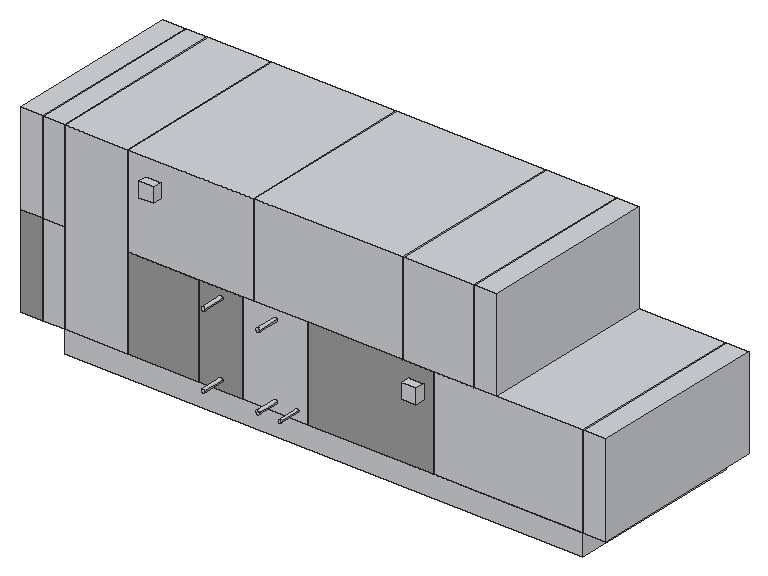
Revit family "Приточно-вытяжная система с рециркуляцией с водяным нагервом, водяным охлаждением", category Оборудование, Revit 2021
Family settings
  Размер круглого соединителя = Использовать диаметр
  Классификация = Нет
  Тип детали = Нормальный
  На основе рабочей плоскости = Нет
  Всегда вертикально = Да
  При загрузке вырезать с полостями = Нет
  Общий = Нет
  Точка принадлежности помещению = Нет
Parameters (values of type "1А")
  Ширина ГВ = ADSK_Размер_Ширина  # 980 mm
  Сторона обслуживания [instance] = "Справа"
  Слив конденсата [instance] = 15 mm
  Подключение нагревателя G [instance] = 20 mm
  Подключение охладителя [instance] = 20 mm
  Подключение испарителя E [instance] = 0 mm
  Отметка по умолчанию = 0 mm
  Мощность двигателя приточка [instance] = 0.55 kW
  Мощность двигателя вытяжка [instance] = 0.55 kW
  Длина секции охладителя CW [instance] = 361 mm
  Длина секции смешения RR [instance] = 349 mm
  Длина секции испарителя CF [instance] = 0 mm
  Длина секции вентилятора FA (вытяжка) [instance] = 690 mm
  Длина рамы = ADSK_Размер_Длина - 120 mm - 250 mm  # 2855 mm
  Длина гибкой встаки = 125 mm
  Длина секции шумоглушения SL [instance] = 825 mm
  Длина секции нагревателя HW [instance] = 240 mm
  Длина клапана FC = 120 mm
  Длина секции вентилятора FA (приток) [instance] = 690 mm
  Длина секции фильтра F [instance] = 390 mm
  Высота рамы = 120 mm
  Высота ГВ = ADSK_Размер_Высота  # 505 mm
  ADSK_Частота вращения двигателя (приток) = 2835
  ADSK_Частота вращения двигателя (вытяжка) [instance] = 2835
  ADSK_Тип воздушного фильтра [instance] = "G3"
  ADSK_Свободный напор воздуха = 400.0 Pa
  ADSK_Расход холодоносителя [instance] = 0.7 m³/h
  ADSK_Расход теплоносителя [instance] = 0.57 m³/h
  ADSK_Расход воздуха приточный [instance] = 1200.0 m³/h
  ADSK_Расход воздуха вытяжной [instance] = 1200.0 m³/h
  ADSK_Размер_Ширина = 980 mm
  ADSK_Размер_Длина = 3225 mm
  ADSK_Размер_Высота = 505 mm
  ADSK_Обозначение [instance] = "ПВ3.1"
  ADSK_Напряжение = 380 V
  ADSK_Наименование краткое [instance] = "2A"
  ADSK_Масса [instance] = 424
Types (16, lengths in mm): name | Ширина ГВ | Слив конденсата | Подключение нагревателя G | Подключение охладителя | Мощность двигателя приточка | Мощность двигателя вытяжка | Длина секции охладителя CW | Длина секции смешения RR | Длина секции вентилятора FA (вытяжка) | Длина рамы | Длина секции шумоглушения SL | Длина секции нагревателя HW | Длина секции вентилятора FA (приток) | Высота ГВ | ADSK_Частота вращения двигателя (приток) | ADSK_Частота вращения двигателя (вытяжка) | ADSK_Расход холодоносителя | ADSK_Расход теплоносителя | ADSK_Расход воздуха приточный | ADSK_Расход воздуха вытяжной | ADSK_Размер_Ширина | ADSK_Размер_Длина | ADSK_Размер_Высота | ADSK_Обозначение | ADSK_Наименование краткое | ADSK_Масса
  1А | 980 | 15 | 20 | 20 | 0.55 kW | 0.55 kW | 361 | 349 | 690 | 2855 | 825 | 240 | 690 | 505 | 2835 | 2835 | 0.7 m³/h | 0.57 m³/h | 1200.0 m³/h | 1200.0 m³/h | 980 | 3225 | 505 | "ПВ3.1" | "2A" | 424
  2А | 980 | 15 | 20 | 20 | 1.1 kW | 0.75 kW | 361 | 349 | 690 | 2855 | 825 | 240 | 690 | 505 | 2830 | 2805 | 1.41 m³/h | 1.18 m³/h | 2500.0 m³/h | 2500.0 m³/h | 980 | 3225 | 505 | "ПВ3.2" | "2A" | 496
  16B | 2580 | 25 | 65 | 65 | 18.5 kW | 15.0 kW | 457 | 1346 | 1990 | 5511 | 862 | 336 | 2120 | 2580 | 1465 | 1460 | 19.15 m³/h | 15.55 m³/h | 33000.0 m³/h | 33000.0 m³/h | 2580 | 5881 | 2580 | "ПВ3.16" | "16B" | 3205
  3A | 1080 | 15 | 20 | 20 | 1.5 kW | 1.1 kW | 361 | 383 | 740 | 3019 | 825 | 240 | 820 | 695 | 2880 | 2830 | 1.98 m³/h | 1.65 m³/h | 3500.0 m³/h | 3500.0 m³/h | 1080 | 3389 | 695 | "ПВ3.3" | "3А" | 604
  4A | 1360 | 15 | 20 | 25 | 2.2 kW | 1.5 kW | 361 | 383 | 820 | 3019 | 825 | 240 | 820 | 695 | 2880 | 2880 | 2.53 m³/h | 2.12 m³/h | 4500.0 m³/h | 4500.0 m³/h | 1360 | 3389 | 695 | "ПВ3.4" | "4A" | 703
  5A | 1360 | 15 | 25 | 25 | 3.0 kW | 2.2 kW | 361 | 437 | 820 | 3103 | 825 | 240 | 850 | 803 | 2905 | 2880 | 3.09 m³/h | 2.59 m³/h | 5500.0 m³/h | 5500.0 m³/h | 1360 | 3473 | 803 | "ПВ3.5" | "5A" | 764
  6A | 1580 | 15 | 32 | 32 | 2.2 kW | 3.0 kW | 361 | 437 | 850 | 3603 | 825 | 240 | 1350 | 803 | 1455 | 2905 | 3.63 m³/h | 3.06 m³/h | 6500.0 m³/h | 6500.0 m³/h | 1580 | 3973 | 803 | "ПВ3.6" | "6A" | 895
  7A | 1580 | 15 | 25 | 25 | 4.0 kW | 1.5 kW | 361 | 531 | 1350 | 3597 | 825 | 240 | 1250 | 990 | 2945 | 1435 | 0.0 m³/h | 0.0 m³/h | 7500.0 m³/h | 7500.0 m³/h | 1580 | 3967 | 990 | "ПВ3.7" | "7A" | 1007
  8A | 1950 | 15 | 32 | 32 | 3.0 kW | 4.0 kW | 361 | 531 | 1250 | 3697 | 825 | 240 | 1350 | 990 | 1455 | 2945 | 4.93 m³/h | 4.01 m³/h | 8500.0 m³/h | 8500.0 m³/h | 1950 | 4067 | 990 | "ПВ3.8" | "8A" | 1151
  9A | 2160 | 15 | 32 | 32 | 3.0 kW | 3.0 kW | 361 | 583 | 1350 | 3779 | 825 | 240 | 1380 | 1095 | 1455 | 1455 | 5.83 m³/h | 4.71 m³/h | 10000.0 m³/h | 10000.0 m³/h | 2160 | 4149 | 1095 | "ПВ2.9" | "9A" | 1310
  10B | 2040 | 25 | 40 | 40 | 4.0 kW | 4.0 kW | 402 | 736 | 1460 | 4256 | 862 | 281 | 1585 | 1360 | 1460 | 1460 | 7.46 m³/h | 6.13 m³/h | 13000.0 m³/h | 13000.0 m³/h | 2040 | 4626 | 1360 | "ПВ3.10" | "10B" | 1625
  12B | 2040 | 25 | 50 | 40 | 7.5 kW | 5.5 kW | 402 | 896 | 1635 | 4490 | 862 | 305 | 1635 | 1680 | 1465 | 1465 | 9.89 m³/h | 8.01 m³/h | 17000.0 m³/h | 17000.0 m³/h | 2040 | 4860 | 1680 | "ПВ3.12" | "12B" | 1897
  11B | 2580 | 25 | 40 | 40 | 5.5 kW | 4.0 kW | 402 | 736 | 1585 | 4306 | 862 | 281 | 1635 | 1360 | 1465 | 1460 | 8.7 m³/h | 7.07 m³/h | 15000.0 m³/h | 15000.0 m³/h | 2580 | 4676 | 1360 | "ПВ3.11" | "11B" | 1913
  13B | 2040 | 25 | 50 | 50 | 7.5 kW | 7.5 kW | 426 | 1076 | 1635 | 4834 | 862 | 305 | 1775 | 2040 | 1465 | 1465 | 11.46 m³/h | 9.42 m³/h | 20000.0 m³/h | 20000.0 m³/h | 2040 | 5204 | 2040 | "ПВ3.13" | "13B" | 2181
  14B | 2580 | 25 | 50 | 50 | 11.0 kW | 7.5 kW | 426 | 896 | 1775 | 4824 | 862 | 305 | 1945 | 1680 | 1470 | 1465 | 12.79 m³/h | 10.37 m³/h | 22000.0 m³/h | 22000.0 m³/h | 2580 | 5194 | 1680 | "ПВ3.14" | "14B" | 2307
  15B | 2580 | 25 | 50 | 50 | 15.0 kW | 11.0 kW | 426 | 1076 | 1945 | 5004 | 862 | 305 | 1945 | 2040 | 1460 | 1470 | 14.51 m³/h | 11.78 m³/h | 25000.0 m³/h | 25000.0 m³/h | 2580 | 5374 | 2040 | "ПВ3.15" | "15B" | 2620
Reference planes
  plane 1 "По центру (Вперед/Назад)": y = 0
  plane 2: z = -120
  plane 3 "По центру (Влево/Вправо)": x = 0
  plane 4 "Ширина": y = -980
  plane 5: x = -1117
  plane 6 "Высота": z = 385
  plane 7: x = -877
  plane 8: x = -516
  plane 9: x = 174
  plane 10: x = -1976
  plane 11: x = -2101
  plane 12: x = 174
  plane 13: z = -120
  plane 14: z = -120
  plane 15: x = 999
  plane 16: x = -1976
  plane 17 "клапан": x = -1856
  plane 18 "Рама": z = -240
  plane 19: z = 890
  plane 20: x = -817
  plane 21: x = 8
  plane 22: x = 398
  plane 23: x = -1507
  plane 24: x = 523
  plane 25: y = -980
Forms (mm)
  Extrusion 1, solid, material "По умолчанию"
    sketch origin (0, 0, 0) x (1, 0, 0) y (0, 0, 1)
      loop
        line (-1507, -120) -> (-1117, -120) -> (-1117, 385) -> (-1507, 385) -> (-1507, -120)
    from 0 <- "Отметка по умолчанию" to 980 <- "ADSK_Размер_Ширина"
  Extrusion 2, solid, material "По умолчанию"
    sketch origin (790, 0, 0) x (1, 0, 0) y (0, 0, 1)
      loop
        line (-1907, -120) -> (-1667, -120) -> (-1667, 385) -> (-1907, 385) -> (-1907, -120)
    from 0 to 980 <- "ADSK_Размер_Ширина"
  Extrusion 3, solid
    sketch origin (1310, 0, 0) x (1, 0, 0) y (0, 0, 1)
      loop
        line (-2187, -120) -> (-1826, -120) -> (-1826, 385) -> (-2187, 385) -> (-2187, -120)
    from 0 to 980 <- "ADSK_Размер_Ширина"
  Extrusion 4, solid, material "По умолчанию"
    sketch origin (1970, 0, 0) x (1, 0, 0) y (0, 0, 1)
      loop
        line (-2486, -120) -> (-1796, -120) -> (-1796, 385) -> (-2486, 385) -> (-2486, -120)
    from 0 to 980 <- "ADSK_Размер_Ширина"
  Extrusion 5, solid, material "По умолчанию"
    sketch origin (-570, 0, 0) x (1, 0, 0) y (0, 0, 1)
      loop
        line (-1406, 385) -> (-1531, 385) -> (-1531, -120) -> (-1406, -120) -> (-1406, 385)
    from 0 to 980 <- "Ширина ГВ"
  Extrusion 6, solid
    sketch origin (1977.187, -850, 55) x (1, 0, 0) y (0, 0, 1)
      loop
        line (-1937.831, 250) -> (-1937.831, 170) -> (-1857.831, 170) -> (-1857.831, 250) -> (-1937.831, 250)
    from 130 to 180
  Extrusion 7, solid
    sketch origin (400, 0, 0) x (1, 0, 0) y (0, 0, 1)
      loop
        line (599, -120) -> (599, 385) -> (-226, 385) -> (-226, -120) -> (599, -120)
    from 0 to 980 <- "Ширина ГВ"
  Extrusion 8, solid
    sketch origin (0, -980, 0) x (-1, 0, 0) y (0, 0, 1)
      loop
        line (1976, -120) -> (1976, 385) -> (1856, 385) -> (1856, -120) -> (1976, -120)
    from 0 to 980 <- "ADSK_Размер_Ширина"
  Extrusion 9, solid
    sketch origin (0, 0, 0) x (1, 0, 0) y (0, 0, 1)
      loop
        line (-1856, -240) -> (999, -240) -> (999, -120) -> (-1856, -120) -> (-1856, -240)
    from 0 to 980 <- "ADSK_Размер_Ширина"
  Extrusion 10, solid
    sketch origin (0, 0, 0) x (1, 0, 0) y (0, 0, 1)
      loop
        line (-2101, 890) -> (-2101, 385) -> (-1976, 385) -> (-1976, 890) -> (-2101, 890)
    from 0 to 980 <- "ADSK_Размер_Ширина"
  Extrusion 11, solid
    sketch origin (0, 0, 0) x (1, 0, 0) y (0, 0, 1)
      loop
        line (-1976, 890) -> (-1976, 385) -> (-1856, 385) -> (-1856, 890) -> (-1976, 890)
    from 0 to 980 <- "ADSK_Размер_Ширина"
  Extrusion 12, solid
    sketch origin (400, 0, 0) x (1, 0, 0) y (0, 0, 1)
      loop
        line (-1907, 890) -> (-1907, 385) -> (-1217, 385) -> (-1217, 890) -> (-1907, 890)
    from 0 to 980 <- "ADSK_Размер_Ширина"
  Extrusion 13, solid
    sketch origin (0, 0, 0) x (1, 0, 0) y (0, 0, 1)
      loop
        line (-1856, -120) -> (-1507, -120) -> (-1507, 890) -> (-1856, 890) -> (-1856, -120)
    from 0 to 980 <- "ADSK_Размер_Ширина"
  Extrusion 14, solid
    sketch origin (0, 0, 0) x (1, 0, 0) y (0, 0, 1)
      loop
        line (-817, 890) -> (-817, 385) -> (8, 385) -> (8, 890) -> (-817, 890)
    from 0 to 980 <- "ADSK_Размер_Ширина"
  Extrusion 15, solid
    sketch origin (0, 0, 0) x (1, 0, 0) y (0, 0, 1)
      loop
        line (8, 890) -> (8, 385) -> (398, 385) -> (398, 890) -> (8, 890)
    from 0 to 980 <- "ADSK_Размер_Ширина"
  Extrusion 16, solid
    sketch origin (0, 0, 0) x (1, 0, 0) y (0, 0, 1)
      loop
        line (398, 890) -> (398, 385) -> (523, 385) -> (523, 890) -> (398, 890)
    from 0 to 980 <- "ADSK_Размер_Ширина"
  Extrusion 17, solid
    sketch origin (588.065, -850, 517.251) x (1, 0, 0) y (0, 0, 1)
      loop
        line (-1995.065, 272.749) -> (-1995.065, 192.749) -> (-1915.065, 192.749) -> (-1915.065, 272.749) -> (-1995.065, 272.749)
    from 130 to 180
  Extrusion 18, solid
    sketch origin (1358.125, 0, 0) x (1, 0, 0) y (0, 0, 1)
      loop
        line (-234.125, -120) -> (-234.125, 385) -> (-359.125, 385) -> (-359.125, -120) -> (-234.125, -120)
    from 0 to 980 <- "Ширина ГВ"
  Extrusion 19, solid
    sketch origin (683.974, -980, -517.895) x (1, 0, 0) y (0, 0, 1)
      loop
        circle (-1680.823, 852.951) r 10
      loop
        circle (-1680.884, 450.002) r 10
    from 0 to 120
  Extrusion 20, solid
    sketch origin (1340.778, -980, -507.223) x (1, 0, 0) y (0, 0, 1)
      loop
        circle (-2036.833, 842.663) r 10
      loop
        circle (-2036.55, 437.272) r 10
      loop
        circle (-1916.335, 434.999) r 7.5
    from 0 to 120
Dimensions and locks
  Extrusion 1 sketch curve to Extrusion 1 sketch curve = 505 mm
  "ADSK_Размер_Высота": level to plane 6 "Высота"
  "Длина секции нагревателя HW": plane 7 to plane 5
  "Длина секции охладителя CW": plane 8 to plane 7
  "Длина секции вентилятора FA (приток)": plane 9 to plane 8
  Extrusion 2 sketch curve to Extrusion 2 sketch curve = 505 mm
  Extrusion 3 sketch curve to Extrusion 3 sketch curve = 505 mm
  Extrusion 4 sketch curve to Extrusion 4 sketch curve = 505 mm
  "ADSK_Размер_Ширина": plane 1 "По центру (Вперед/Назад)" to plane 4 "Ширина"
  "Длина гибкой встаки": plane 10 to plane 11
  locked: Extrusion 6 sketch curve to Extrusion 6 sketch curve at 80  (x2)
  locked: plane 4 "Ширина" to Extrusion 6 at 50
  "Высота ГВ": Extrusion 5 sketch curve to Extrusion 5 sketch curve
  "Длина секции шумоглушения SL": plane 15 to plane 12
  "Высота ГВ": Extrusion 7 sketch curve to Extrusion 7 sketch curve
  Extrusion 7 sketch curve to level = 0 mm
  level to Extrusion 1 = 505 mm
  "Длина клапана FC": plane 17 "клапан" to plane 16
  "Длина секции фильтра F": plane 5 to plane 23
  Extrusion 5 to Extrusion 8 to Extrusion 8 to Extrusion 13 to Extrusion 2 to Extrusion 3 to Extrusion 4 to Extrusion 7 to Extrusion 7 = 125 mm, 120 mm, 349 mm, 390 mm, 240 mm, 361 mm, 690 mm, 825 mm
  "ADSK_Размер_Высота": plane 19 to plane 6 "Высота"
  "Длина секции смешения RR": plane 23 to plane 17 "клапан"
  "Длина секции вентилятора FA (вытяжка)": plane 20 to plane 23
  "Длина секции шумоглушения SL": plane 21 to plane 20
  "Длина секции фильтра F": plane 22 to plane 21
  "Длина гибкой встаки": plane 24 to plane 22
  Extrusion 10 to Extrusion 11 = 125 mm
  Extrusion 11 to Extrusion 13 = 120 mm
  Extrusion 13 to Extrusion 13 = 349 mm
  Extrusion 13 to Extrusion 14 = 690 mm
  Extrusion 14 to Extrusion 15 = 825 mm
  Extrusion 15 to Extrusion 16 = 390 mm
  Extrusion 16 to Extrusion 16 = 125 mm
  locked: Extrusion 17 sketch curve to Extrusion 17 sketch curve at 80  (x2)
  plane 19 to Extrusion 17 sketch curve = 100 mm
  Extrusion 17 sketch curve to plane 23 = 100 mm
  "Высота ГВ": Extrusion 18 sketch curve to Extrusion 18 sketch curve
  "Длина гибкой встаки": Extrusion 18 to Extrusion 18
  "Длина рамы": Extrusion 9 to Extrusion 9
  locked: Extrusion 4 to Extrusion 6 at 160
  locked: Extrusion 6 to Extrusion 7 at 134.643
  Extrusion 19 to Extrusion 3 = 109.849 mm
  Extrusion 12 to Extrusion 19 = 39.944 mm
  Extrusion 20 sketch curve to Extrusion 20 sketch curve = 120.236 mm
  locked: Extrusion 14 to Extrusion 20 sketch curve at 39.56
  Extrusion 20 to Extrusion 4 = 170.056 mm
  Extrusion 19 to Extrusion 9 = 42.108 mm
  locked: Extrusion 20 sketch curve to Extrusion 9 at 40.049
  locked: Extrusion 20 sketch curve to Extrusion 9 at 40.276
  "Подключение нагревателя G": diameter of Extrusion 19 sketch curve  (x2)
  "Подключение охладителя": diameter of Extrusion 20 sketch curve  (x2)
  "Слив конденсата": diameter of Extrusion 20 sketch curve
  aligned and locked: level to plane 2
  aligned and locked: plane 5 to Extrusion 1
  aligned and locked: plane 6 "Высота" to Extrusion 1
  aligned and locked: Extrusion 1 to level
  aligned and locked: Extrusion 1 to plane 4 "Ширина"
  aligned and locked: plane 7 to Extrusion 2
  aligned and locked: plane 8 to Extrusion 3
  aligned and locked: plane 9 to Extrusion 4
  aligned and locked: Extrusion 2 to Extrusion 1  (x2)
  aligned and locked: Extrusion 3 to plane 7
  aligned and locked: Extrusion 4 to plane 8
  aligned and locked: Extrusion 4 to Extrusion 1
  aligned and locked: Extrusion 3 to Extrusion 1
  aligned and locked: Extrusion 1 to Extrusion 2
  aligned and locked: Extrusion 1 to Extrusion 3
  aligned and locked: Extrusion 1 to Extrusion 4
  aligned and locked: Extrusion 2 to level
  aligned and locked: Extrusion 3 to level
  aligned and locked: Extrusion 4 to level
  aligned and locked: plane 4 "Ширина" to Extrusion 6
  aligned and locked: plane 10 to Extrusion 5 sketch curve
  aligned and locked: Extrusion 5 sketch curve to plane 11
  aligned and locked: Extrusion 7 sketch curve to plane 15
  aligned and locked: plane 12 to Extrusion 7 sketch curve
  aligned and locked: Extrusion 5 sketch curve to level
  aligned and locked: plane 9 to plane 12
  aligned and locked: Extrusion 5 to Extrusion 8 sketch curve
  aligned and locked: Extrusion 8 sketch curve to Extrusion 5
  aligned and locked: Extrusion 1 to Extrusion 8 sketch curve
  aligned and locked: Extrusion 9 sketch curve to plane 18 "Рама"
  aligned and locked: level to Extrusion 9 sketch curve
  aligned and locked: Extrusion 9 sketch curve to plane 17 "клапан"
  aligned and locked: Extrusion 10 sketch curve to plane 19
  aligned and locked: plane 11 to Extrusion 10 sketch curve
  aligned and locked: Extrusion 10 sketch curve to plane 16
  aligned and locked: plane 6 "Высота" to Extrusion 10 sketch curve
  aligned and locked: Extrusion 11 sketch curve to plane 19
  aligned and locked: Extrusion 11 sketch curve to plane 17 "клапан"
  aligned and locked: plane 6 "Высота" to Extrusion 11 sketch curve
  aligned and locked: plane 16 to Extrusion 11 sketch curve
  aligned and locked: Extrusion 12 sketch curve to plane 19
  aligned and locked: plane 6 "Высота" to Extrusion 12 sketch curve
  aligned and locked: Extrusion 12 sketch curve to plane 20
  aligned and locked: plane 23 to Extrusion 12 sketch curve
  aligned and locked: plane 19 to Extrusion 13 sketch curve
  aligned and locked: Extrusion 13 sketch curve to level
  aligned and locked: Extrusion 13 sketch curve to plane 17 "клапан"
  aligned and locked: plane 23 to Extrusion 13 sketch curve
  aligned and locked: plane 16 to plane 10
  aligned and locked: Extrusion 1 sketch curve to plane 23
  aligned and locked: plane 17 "клапан" to Extrusion 8 sketch curve
  aligned and locked: plane 6 "Высота" to Extrusion 14 sketch curve
  aligned and locked: Extrusion 14 sketch curve to plane 21
  aligned and locked: Extrusion 14 sketch curve to plane 19
  aligned and locked: plane 20 to Extrusion 14 sketch curve
  aligned and locked: Extrusion 15 sketch curve to plane 22
  aligned and locked: Extrusion 15 sketch curve to plane 19
  aligned and locked: plane 6 "Высота" to Extrusion 15 sketch curve
  aligned and locked: plane 21 to Extrusion 15 sketch curve
  aligned and locked: Extrusion 16 sketch curve to plane 24
  aligned and locked: Extrusion 16 sketch curve to plane 19
  aligned and locked: plane 6 "Высота" to Extrusion 16 sketch curve
  aligned and locked: plane 22 to Extrusion 16 sketch curve
  aligned and locked: Extrusion 17 to Extrusion 1
  aligned and locked: Extrusion 17 to Extrusion 6
  aligned and locked: Extrusion 14 to Extrusion 16
  aligned and locked: Extrusion 9 to Extrusion 18
Automatic sketch dimensions
  Extrusion 1 sketch curve to plane 5 = 0 mm
  Extrusion 1 sketch curve to level = 0 mm
  Extrusion 2 sketch curve to plane 5 = 0 mm
  Extrusion 2 sketch curve to plane 6 "Высота" = 0 mm
  Extrusion 2 sketch curve to plane 7 = 0 mm
  Extrusion 3 sketch curve to plane 6 "Высота" = 0 mm
  Extrusion 3 sketch curve to plane 7 = 0 mm
  Extrusion 3 sketch curve to plane 8 = 0 mm
  Extrusion 4 sketch curve to plane 6 "Высота" = 0 mm
  Extrusion 4 sketch curve to plane 8 = 0 mm
  Extrusion 4 sketch curve to plane 9 = 0 mm
  Extrusion 18 sketch curve to level = 0 mm
  plane 9 to Extrusion 9 sketch curve = 825 mm
  plane 15 to Extrusion 18 sketch curve = 125 mm
  plane 15 to Extrusion 18 sketch curve = 0 mm
  Extrusion 6 sketch curve to plane 24 = 483.643 mm
  Extrusion 6 sketch curve to plane 6 "Высота" = 160 mm
  Extrusion 19 sketch curve to Extrusion 2 = 119.91 mm
  Extrusion 19 sketch curve to Extrusion 2 = 119.849 mm
  Extrusion 19 sketch curve to Extrusion 2 = 52.108 mm
  Extrusion 19 sketch curve to Extrusion 2 = 49.944 mm
  Extrusion 20 sketch curve to Extrusion 3 = 180.944 mm
  Extrusion 20 sketch curve to Extrusion 3 = 181.228 mm
Connectors
  electrical at (79.357, -1030, 265), driven by "Мощность двигателя приточка"
    settings: on Extrusion 6, index 3, voltage 380 V, apparent load 0.0 kW, apparent load phase1 0.55 kW, apparent load phase2 0.0 kW, apparent load phase3 0.0 kW, power factor 1, load classification "Прочее", number of poles 1, system type 31, power factor state 1, is connector primary yes, connector utility yes, sub classification motor yes, connector description ""
  hvac at (-2101, -490, 132.5), driven by "Высота ГВ", driven by "Ширина ГВ", driven by "ADSK_Расход воздуха приточный"
    settings: on Extrusion 5, index 4, duct flow 1200.0 m³/h, flow factor 0, pres drop 0.0 Pa, loss coef 0, conn angle 0.00°, conn width 980 mm, conn height 505 mm, conn diameter 609.6 mm, duct sys type 1, conn prof type 1, flow config 0, flow direction 2, loss method 0, conn ref index -1, conn util yes, is conn primary yes, conn desc ""
  electrical at (-1367, -1030, 750), driven by "Мощность двигателя вытяжка"
    settings: on Extrusion 17, index 8, voltage 380 V, apparent load 0.0 kW, apparent load phase1 0.55 kW, apparent load phase2 0.0 kW, apparent load phase3 0.0 kW, power factor 1, load classification "Прочее", number of poles 1, system type 31, power factor state 1, is connector primary no, connector utility yes, sub classification motor yes, connector description ""
  hvac at (-2101, -490, 637.5), driven by "ADSK_Размер_Высота", driven by "ADSK_Размер_Ширина", driven by "ADSK_Расход воздуха вытяжной"
    settings: on Extrusion 10, index 9, duct flow 1200.0 m³/h, flow factor 0, pres drop 0.0 Pa, loss coef 0, conn angle 0.00°, conn width 980 mm, conn height 505 mm, conn diameter 609.6 mm, duct sys type 3, conn prof type 1, flow config 0, flow direction 0, loss method 0, conn ref index -1, conn util no, is conn primary no, conn desc ""
  hvac at (523, -490, 637.5), driven by "ADSK_Размер_Высота", driven by "ADSK_Размер_Ширина", driven by "ADSK_Расход воздуха вытяжной"
    settings: on Extrusion 16, index 10, duct flow 1200.0 m³/h, flow factor 0, pres drop 0.0 Pa, loss coef 0, conn angle 0.00°, conn width 980 mm, conn height 505 mm, conn diameter 609.6 mm, duct sys type 3, conn prof type 1, flow config 0, flow direction 0, loss method 0, conn ref index -1, conn util no, is conn primary no, conn desc ""
  hvac at (1124, -490, 132.5), driven by "ADSK_Размер_Высота", driven by "ADSK_Размер_Ширина", driven by "ADSK_Расход воздуха приточный"
    settings: on Extrusion 18, index 11, duct flow 1200.0 m³/h, flow factor 0, pres drop 0.0 Pa, loss coef 0, conn angle 0.00°, conn width 980 mm, conn height 505 mm, conn diameter 609.6 mm, duct sys type 3, conn prof type 1, flow config 0, flow direction 0, loss method 0, conn ref index -1, conn util no, is conn primary no, conn desc ""
  piping at (-996.849, -1100, 335.056), diameter 20, driven by "Подключение нагревателя G", driven by "ADSK_Расход теплоносителя"
    settings: on Extrusion 19, index 12, connector inside diameter 609.6 mm, connector length 0 mm, flow factor 0, pipe flow 0.57 m³/h, pressure drop 0.0 Pa, fitting loss kfactor 0, connector angle 0.00°, fixture units 0, engagement length 0 mm, angle of deflection 0.00°, flow configuration 0, flow direction 0, fitting loss method 0, system type 7, joint type 0, gender type 0, connector reference index -1, connector utility 0, adjustable connector no, is connector primary yes, connector description ""
  piping at (-996.91, -1100, -67.892), diameter 20, driven by "Подключение нагревателя G", driven by "ADSK_Расход теплоносителя"
    settings: on Extrusion 19, index 13, connector inside diameter 609.6 mm, connector length 0 mm, flow factor 0, pipe flow 0.57 m³/h, pressure drop 0.0 Pa, fitting loss kfactor 0, connector angle 0.00°, fixture units 0, engagement length 0 mm, angle of deflection 0.00°, flow configuration 0, flow direction 0, fitting loss method 0, system type 7, joint type 0, gender type 0, connector reference index -1, connector utility 0, adjustable connector no, is connector primary no, connector description ""
  piping at (-696.056, -1100, 335.44), diameter 20, driven by "Подключение охладителя", driven by "ADSK_Расход холодоносителя"
    settings: on Extrusion 20, index 14, connector inside diameter 609.6 mm, connector length 0 mm, flow factor 0, pipe flow 0.7 m³/h, pressure drop 0.0 Pa, fitting loss kfactor 0, connector angle 0.00°, fixture units 0, engagement length 0 mm, angle of deflection 0.00°, flow configuration 0, flow direction 0, fitting loss method 0, system type 7, joint type 0, gender type 0, connector reference index -1, connector utility 0, adjustable connector no, is connector primary no, connector description ""
  piping at (-695.772, -1100, -69.951), diameter 20, driven by "Подключение охладителя", driven by "ADSK_Расход холодоносителя"
    settings: on Extrusion 20, index 15, connector inside diameter 609.6 mm, connector length 0 mm, flow factor 0, pipe flow 0.7 m³/h, pressure drop 0.0 Pa, fitting loss kfactor 0, connector angle 0.00°, fixture units 0, engagement length 0 mm, angle of deflection 0.00°, flow configuration 0, flow direction 0, fitting loss method 0, system type 7, joint type 0, gender type 0, connector reference index -1, connector utility 0, adjustable connector no, is connector primary no, connector description ""
  piping at (-575.557, -1100, -72.224), diameter 15, driven by "Слив конденсата"
    settings: on Extrusion 20, index 16, connector inside diameter 609.6 mm, connector length 0 mm, flow factor 0, pipe flow 0.0 m³/h, pressure drop 0.0 Pa, fitting loss kfactor 0, connector angle 0.00°, fixture units 0, engagement length 0 mm, angle of deflection 0.00°, flow configuration 0, flow direction 0, fitting loss method 0, system type 7, joint type 0, gender type 0, connector reference index -1, connector utility 0, adjustable connector no, is connector primary no, connector description ""
